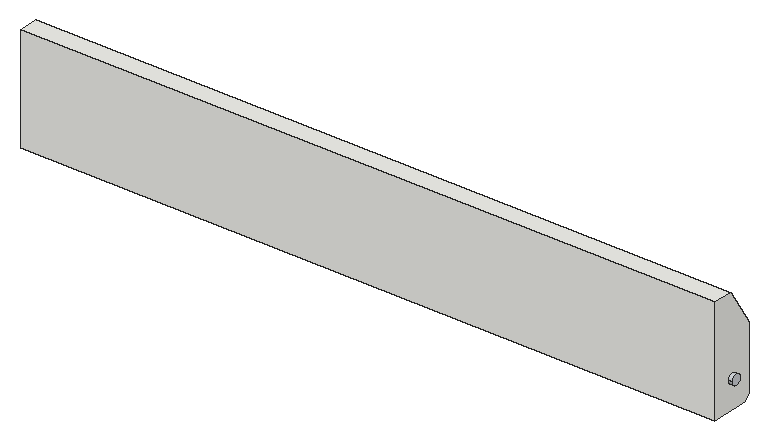
Revit family "M_Radiador - Tubo de aleta hidrônico", category Equipamento mecânico, Revit 2019
Family settings
  Hospedeiro = Parede
  Cota do conector redondo = Usar raio
  Tipo de parte = Normal
  Número OmniClass = 23.75.70.17.24
  Título OmniClass = Finned-Tube Radiation
  ID de item do Seek = Radiator - Hydronic Fin Tube-0000-CAN-ENU
  Sempre na vertical = Sim
  Corte com vazios quando carregada = Não
  Compartilhado = Não
  Ponto de cálculo do ambiente = Não
Parameters (values of type "25 NPT")
  Queda de pressão [instance] = 0.92 Pa
  Potência [instance] = BtuPerFt * Comprimento / 304.8 mm  # 1529.82 W
  Fluxo [instance] = 15.3 L/s
  BtuPerFt = 254.97 W
  Conector = 12.5 mm
  Assembly Code = ""
  Material do rodapé = Aço, acabamento de pintura, marfim, com brilho
  Linear = 111.1 mm
  Altura = 279.4 mm
  Comprimento [instance] = 1828.8 mm
  Altura da colocação = 101.6 mm
Types (3, lengths in mm): name | Potência | Fluxo | BtuPerFt | Conector
  20 NPT | 1600.14 W | 14.41 L/s | 266.69 W | 10
  25 NPT | 1529.82 W | 15.3 L/s | 254.97 W | 12.5
  30 NPT | 1441.92 W | 16.0 L/s | 240.32 W | 15
Reference planes
  plane 1: y = 0
  plane 2: z = 381
  plane 3: z = 101.6
  plane 4: y = 187.3
  plane 5 "Direita": x = -914.4
  plane 6 "Esquerda": x = 914.4
  plane 7: y = 131.762
  plane 8: z = 177.8
  plane 9: z = 177.8
  plane 10: y = 131.763
Forms (mm)
  Extrusion 1, solid, material "Aço, acabamento de pintura, marfim, com brilho" <- "Material do rodapé"
    sketch origin (1828.8, 0, 0) x (0, 1, 0) y (0, 0, 1)
      loop
        line (76.2, 101.6) -> (174.6, 101.6) -> (187.3, 115.178) -> (187.3, 286.628) -> (128.587, 381) -> (76.2, 381) -> (76.2, 101.6)
    from -914.4 to -2743.2
  Extrusion 2, solid
    sketch origin (914.4, 0, 342.9) x (0, 1, 0) y (0, 0, 1)
      loop
        circle (131.762, -165.1) r 12.5
    from 0 to 12.7
  Extrusion 3, solid
    sketch origin (-914.4, 0, 342.9) x (0, 0, 1) y (0, 1, 0)
      loop
        circle (-165.1, 131.762) r 12.5
    from 0 to 12.7
Lines and regions (mm)
  symbolic lines
    curve 1: line (914.4, 76.2, 0) -> (-914.4, 76.2, 0)
    curve 2: line (914.4, 127, 0) -> (914.4, 76.2, 0)
    curve 3: line (-914.4, 127, 0) -> (914.4, 127, 0)
    curve 4: line (-914.4, 76.2, 0) -> (-914.4, 127, 0)
Text (mm)
  text "Lado da colocação" at (0, 1019.848, 3124.603), in view "Direita"
  text "Lado da colocação" at (-1787.662, 723.012, 0), in view "Nível de referência"
  text "Lado da colocação" at (0, 1206.291, 2099.487), in view "Esquerda"
Dimensions and locks
  "Altura": plane 3 to plane 2
  "Comprimento": plane 5 "Direita" to plane 6 "Esquerda"
  "Linear": host wall to plane 4
  "Altura da colocação": plane 3 to level
  Extrusion 1 to plane 7 = 55.563 mm
  locked: plane 8 to level at 177.8
  locked: plane 9 to level at 177.8
  plane 10 to Extrusion 1 = 55.563 mm
  "Conector": radius of Extrusion 3 sketch curve
  "Conector": radius of Extrusion 2 sketch curve
  aligned and locked: plane 5 "Direita" to Extrusion 1  (x2)
  aligned and locked: plane 6 "Esquerda" to Extrusion 1
  aligned and locked: Extrusion 1 to host wall
Automatic sketch dimensions
  curve 1 to plane 5 "Direita" = 0 mm
  curve 3 to plane 6 "Esquerda" = 0 mm
  curve 1 to curve 2 = 50.8 mm
  curve 1 to host wall = 0 mm
  Extrusion 2 sketch curve to plane 7 = 0 mm
  Extrusion 2 sketch curve to plane 8 = 0 mm
  Extrusion 3 sketch curve to plane 9 = 0 mm
  Extrusion 3 sketch curve to plane 10 = 0 mm
  Extrusion 1 sketch curve to host wall = 0 mm
  Extrusion 1 sketch curve to plane 2 = 0 mm
  Extrusion 1 sketch curve to plane 3 = 0 mm
  Extrusion 1 sketch curve to plane 4 = 0 mm
  Extrusion 1 sketch curve to Extrusion 1 sketch curve = 52.388 mm
  plane 4 to Extrusion 1 sketch curve = 12.7 mm
  Extrusion 1 sketch curve to plane 3 = 13.578 mm
  plane 2 to Extrusion 1 sketch curve = 94.372 mm
Connectors
  piping at (-927.1, 131.763, 177.8), diameter 25, driven by "Conector", driven by "Fluxo", driven by "Queda de pressão"
    settings: on Extrusion 3, index 1, connector inside diameter 25 mm, connector length 0 mm, flow factor 0, pipe flow 15.3 L/s, pressure drop 0.92 Pa, fitting loss kfactor 0, connector angle 0.00°, fixture units 0, engagement length 0 mm, angle of deflection 0.00°, flow configuration 1, flow direction 2, fitting loss method 4, system type 8, joint type 0, gender type 0, connector reference index 0, connector utility 0, adjustable connector no, is connector primary no, connector description ""
  piping at (927.1, 131.762, 177.8), diameter 25, driven by "Conector", driven by "Fluxo"
    settings: on Extrusion 2, index 0, connector inside diameter 25 mm, connector length 0 mm, flow factor 0, pipe flow 15.3 L/s, pressure drop 0.0 Pa, fitting loss kfactor 0, connector angle 0.00°, fixture units 0, engagement length 0 mm, angle of deflection 0.00°, flow configuration 1, flow direction 1, fitting loss method 0, system type 7, joint type 0, gender type 0, connector reference index 1, connector utility 0, adjustable connector no, is connector primary yes, connector description ""
